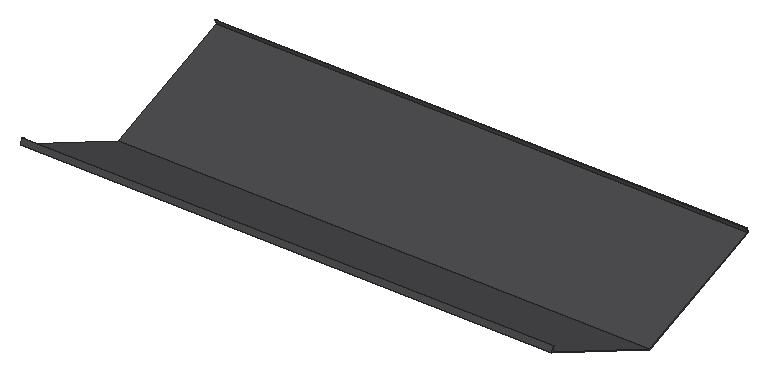
Revit family "BIMLIB_ПланкаЕндовыНижней_GRANDLINE", category Обобщенные модели, Revit 2017
Family settings
  Может служить основой для арматурных стержней = Нет
  Размер круглого соединителя = Использовать диаметр
  Тип детали = Нормальный
  При загрузке вырезать с полостями = Нет
  Общий = Нет
  Точка расчета площади = Нет
Parameters (values of type "Планка нижней ендовы 300х300")
  Угол_Подрезки_Справа [instance] = 45.00°
  Угол_Подрезки_Слева [instance] = 45.00°
  Угол_Подрезки_Скос_Справа [instance] = if(and(Угловая_Подрезка_Справа, not(Vобразная_Подрезка_Справа)), Угол_Подрезки_Справа, 0.00°)  # 0.00°
  Угол_Подрезки_Скос_Слева [instance] = if(and(Угловая_Подрезка_Слева, not(Vобразная_Подрезка_Слева)), Угол_Подрезки_Слева, 0.00°)  # 0.00°
  Угол_Vобразный_Справа [instance] = if(Vобразная_Подрезка_Справа, Угол_Подрезки_Справа, 0.00°)  # 0.00°
  Угол_Vобразный_Слева [instance] = if(Vобразная_Подрезка_Слева, Угол_Подрезки_Слева, 0.00°)  # 0.00°
  Угловая_Подрезка_Справа [instance] = no
  Угловая_Подрезка_Слева [instance] = no
  Смещение [instance] = 0 mm  # constant formula
  Профиль_Ширина [instance] = 600 mm * cos((180.00° - Профиль_Угол) / 2)  # 554.328 mm
  Профиль_УголПоворота [instance] = 22.50°
  Профиль_Угол [instance] = 135.00°
  Описание = ADSK_Наименование  # "Планка нижней ендовы 300х300"
  Изготовитель = [ADSK_Завод-изготовитель]  # "Grand Line"
  built-in parameter 1001306 [instance] = 1200 mm
  Watermark [instance] = "Модели защищены уникальным кодом"
  Vобразная_Подрезка_Справа [instance] = no
  Vобразная_Подрезка_Слева [instance] = no
  URL = "https://www.grandline.ru"
  BL_Разработано = "support@bimlib.pro"
  BL_Email = "info@grandline.ru"
  BL_BIM library = "https://bimlib.pro/manufacturer/company/22430"
  ADSK_Размер_Длина [instance] = [built-in parameter 1001306]  # 1200 mm
  ADSK_Обозначение = "ГОСТ 19904-90, ГОСТ 14918-80"
  ADSK_Наименование = "Планка нижней ендовы 300х300"
  ADSK_Материал тип подсчета = 1  # constant formula
  ADSK_Материал = GL_Сталь_RAL9005
  ADSK_Масса_Текст [instance] = ""
  ADSK_Масса [instance] = 0
  ADSK_Марка = ""
  ADSK_Количество [instance] = if(ADSK_Материал тип подсчета = 0, 1, if(ADSK_Материал тип подсчета = 1, ADSK_Размер_Длина / 1000 mm, 0))  # 1.2
  ADSK_Код изделия = "М011-038"  # constant formula
  ADSK_Завод-изготовитель = "Grand Line"  # constant formula
  ADSK_Единица измерения = "м"  # constant formula
  ADSK_Группирование = "Доборные элементы"  # constant formula
  ADSK_Версия Revit = "2017"  # constant formula
  ADSK_URL страницы изделия = ""
  ADSK_URL документации изделия = ""
Reference planes
  plane 1 "По центру (Вперед/Назад)": y = 0
  plane 2: z = 0
  plane 3 "Слева": x = 0
  plane 4 "Справа": x = 1200
  plane 5: x = 1201
  plane 6: y = -277.164
  plane 7: y = 277.164
  plane 8: x = -1
Forms (mm)
  Sweep 1, solid, material "GL_Сталь_RAL9005" <- "ADSK_Материал"
    path in 3D
      loop
        line (0, 0, 0) -> (1200, 0, 0)
    profile "Профиль_ПланкаЕндовыНижней : Профиль_ПланкаЕндовыНижней" origin (600, 0, 0) x (0, 1, 0) y (0, 0, 1)
      loop
        line (0, 0) -> (277.164, 114.805) -> (272.954, 124.968) -> (272.215, 124.662) -> (276.119, 115.238) -> (0, 0.866) -> (-276.119, 115.238) -> (-271.833, 125.585) -> (-272.572, 125.892) -> (-277.164, 114.805) -> (0, 0)
  Extrusion 2, void
    sketch origin (0, 0, 0) x (1, 0, 0) y (0, 1, 0)
      loop
        line (1200, 310) -> (1200, 0) -> (1200, -310) -> (1201, -310) -> (1201, 310) -> (1200, 310)
    from 0 to 400
  Extrusion 3, void
    sketch origin (0, 0, 0) x (1, 0, 0) y (0, 1, 0)
      loop
        line (1200, -277.164) -> (1201, -277.164) -> (1201, 277.145) -> (1200, 277.145) -> (1200, -277.164)
    from 0 to 400
  Extrusion 4, void
    sketch origin (1200, 0, 0) x (-1, 0, 0) y (0, -1, 0)
      loop
        line (1200, 277.164) -> (1200, -277.164) -> (1201, -277.164) -> (1201, 277.164) -> (1200, 277.164)
    from 0 to 400
  Extrusion 5, void
    sketch origin (1200, 0, 0) x (-1, 0, 0) y (0, -1, 0)
      loop
        line (1200, -310) -> (1201, -310) -> (1201, 311.328) -> (1200, 311.328) -> (1200, 0) -> (1200, -310)
    from 0 to 400
Cuts and joins
  Extrusion 2, Extrusion 3, Extrusion 4, Extrusion 5 cuts Sweep 1
Lines and regions (mm)
  reference lines
    curve 1: line (0, 0, 0) -> (1200, 0, 0)
  sketch lines
    curve 2: line (0, 0, 0) -> (1200, 0, 0)
Dimensions and locks
  "built-in parameter 1001306": plane 3 "Слева" to plane 4 "Справа"
  locked: Extrusion 2 sketch curve to curve 1 at 310  (x2)
  locked: plane 4 "Справа" to plane 5 at 1
  equal spacing: plane 7, plane 1 "По центру (Вперед/Назад)", plane 6
  "Профиль_Ширина": plane 7 to plane 6
  locked: plane 8 to plane 3 "Слева" at 1
  "Угол_Vобразный_Справа": angle plane 4 "Справа" to Extrusion 2 sketch curve
  "Угол_Vобразный_Справа": angle Extrusion 2 sketch curve to plane 4 "Справа"
  "Угол_Подрезки_Скос_Справа": angle plane 4 "Справа" to Extrusion 3 sketch curve
  "Угол_Подрезки_Скос_Слева": angle Extrusion 4 sketch curve to plane 3 "Слева"
  "Угол_Vобразный_Слева": angle plane 3 "Слева" to Extrusion 5 sketch curve
  "Угол_Vобразный_Слева": angle Extrusion 5 sketch curve to plane 3 "Слева"
  aligned and locked: plane 4 "Справа" to curve 1
  aligned and locked: plane 1 "По центру (Вперед/Назад)" to curve 1
  aligned and locked: plane 3 "Слева" to curve 1
  aligned and locked: level to plane 2
  aligned and locked: Extrusion 2 sketch curve to plane 5
  aligned and locked: plane 1 "По центру (Вперед/Назад)" to Extrusion 2 sketch curve
  aligned and locked: plane 4 "Справа" to Extrusion 2 sketch curve
  aligned and locked: plane 8 to Extrusion 4 sketch curve
  aligned and locked: Extrusion 4 sketch curve to plane 7
  aligned and locked: plane 3 "Слева" to Extrusion 4 sketch curve
  aligned and locked: plane 6 to Extrusion 4 sketch curve
  aligned and locked: Extrusion 5 sketch curve to plane 8
  aligned and locked: plane 1 "По центру (Вперед/Назад)" to Extrusion 5 sketch curve
  aligned and locked: plane 3 "Слева" to Extrusion 5 sketch curve
Automatic sketch dimensions
  Extrusion 3 sketch curve to plane 4 "Справа" = 0 mm
  Extrusion 3 sketch curve to plane 5 = 0 mm
  Extrusion 3 sketch curve to plane 6 = 0 mm
  Extrusion 3 sketch curve to plane 7 = 0.019 mm
  plane 6 to Extrusion 5 sketch curve = 34.165 mm
  Extrusion 5 sketch curve to plane 7 = 32.836 mm
